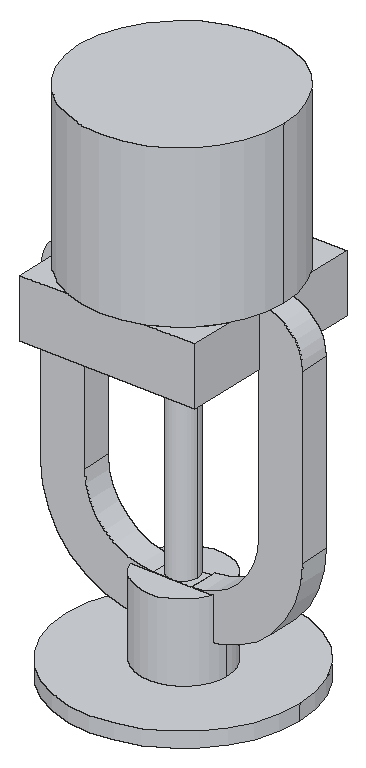
Revit family
Parameters (values of type "RASCO F1FR56-300 PENDENT")
  Temperature Rating = 175 °F
  Response = 1
  RASCO SIN # = "RA2614"
  RASCO Part # = "F1FR56P5B3"
  Pressure Rating = "300 PSI"
  Pressure Class = 1
  Orifice Size = 1/2"
  Orifice = (empty or 0)
  Model = "F1FR56-300"
  Manufacturer = "RASCO"
  K-Factor = 5.6
  Description = "Bronze Finish"
  Coverage = (empty or 0)
Reference planes (in)
  plane 1 "Center (Front/Back)": y = 0
  plane 2: z = 0
  plane 3 "Center (Left/Right)": x = 0
Dimensions and locks (in)
  aligned and locked: plane 2 to level
Nested families (in)
  nested 1: "F1FR56P5B3" at (-0.0113, 0, 2.4375) x (-1, 0, 0) z (0, 0, -1), type "RASCO F1FR56-300 PENDENT"
Connectors (in)
  piping at (-0.0113, 0, 2.4375)
    settings: on nested 1, index 1, connector radius 115/256", flow factor 0, pipe flow 0 GPM, pressure drop 0.00 psi, fitting loss kfactor 0, connector angle 0.00°, fixture units 0, flow configuration 0, flow direction 0, fitting loss method 0, system type 7, connector reference index -1, connector utility 0, adjustable connector no, is connector primary yes, fitting loss table "", connector description ""
Definition of nested family "F1FR56P5B3"
  Parameters (values of type "RASCO F1FR56-300 PENDENT")
    Type Comments = ""
    Temperature Rating = 0 °F
    Response = (empty or 0)
    Pressure Rating = "0"
    Pressure Class = (empty or 0)
    Orifice Size = 0"
    Orifice = (empty or 0)
    Model = ""
    Manufacturer = ""
    K-Factor = 0
    Description = ""
    Coverage = (empty or 0)
    Assembly Code = ""
  Reference planes (in)
    plane 1 "Center (Front/Back)": y = 0
    plane 2: z = 0
    plane 3 "ref.2": z = 0.6875
    plane 4 "ref.3": z = 0.9375
    plane 5: x = -0.38065
    plane 6: x = 0.36935
    plane 7 "ref. side 1": y = 0.06402
    plane 8 "ref. side 2": y = -0.06098
    plane 9 "ref.4": z = 1.875
    plane 10 "ref.5": z = 2.3125
    plane 11 "ref.6": z = 2.4375
  Forms (in)
    Extrusion 1, solid
      sketch origin (0, 0, 0) x (1, 0, 0) y (0, 1, 0)
        loop
          circle (0, 0) r 0.4379
      from 0 to 0.6875
    Extrusion 2, solid
      sketch origin (-0.12185, 0.05177, 0.6875) x (1, 0, 0) y (0, 1, 0)
        loop
          line (-0.2588, 0.356) -> (-0.2588, -0.4565) -> (0.4912, -0.4565) -> (0.4912, 0.356) -> (-0.2588, 0.356)
      from 0 to 0.25
    Extrusion 3, solid
      sketch origin (0, 0, 0) x (1, 0, 0) y (0, 0, 1)
        loop
          line (-0.38065, 0.68754) -> (-0.38065, 1.58397)
          arc (-0.38065, 1.58397) -> (-0.29541, 1.78976) -> (-0.08962, 1.875) r 0.29103
          line (-0.08962, 1.875) -> (0.07524, 1.875)
          arc (0.07524, 1.875) -> (0.28321, 1.78886) -> (0.36935, 1.58089) r 0.29411
          line (0.36935, 1.58089) -> (0.36935, 0.68751)
          arc (0.36935, 0.68751) -> (0.50207, 0.74393) -> (0.55685, 0.87734) r 0.18984
          line (0.55685, 0.87734) -> (0.55685, 1.61676)
          arc (0.55685, 1.61676) -> (0.42629, 1.93194) -> (0.11111, 2.0625) r 0.44574
          line (0.11111, 2.0625) -> (-0.12259, 2.0625)
          arc (-0.12259, 2.0625) -> (-0.43765, 1.932) -> (-0.56815, 1.61694) r 0.44556
          line (-0.56815, 1.61694) -> (-0.56815, 0.87876)
          arc (-0.56815, 0.87876) -> (-0.51345, 0.74486) -> (-0.38065, 0.68754) r 0.19126
      from -0.06402 to 0.06098
    Extrusion 4, solid
      sketch origin (0, 0, 0.9375) x (-1, 0, 0) y (0, -1, 0)
        loop
          circle (0.00574, -0.00152) r 0.0625
      from 0 to 0.9375
    Extrusion 5, solid
      sketch origin (0, 0, 1.875) x (-1, 0, 0) y (0, -1, 0)
        loop
          circle (0.00574, -0.00152) r 0.1875
      from 0 to 0.4375
    Extrusion 6, solid
      sketch origin (0, 0, 2.3125) x (0, -1, 0) y (1, 0, 0)
        loop
          circle (-0.00152, -0.00574) r 0.5
      from -0.10531 to -0.03987
  Cuts and joins
    joined: Extrusion 1, Extrusion 2, Extrusion 4
  Lines and regions (in)
    model lines
      curve 1: line (-0.00574, 0.06402, 1.875) -> (-0.00574, -0.06098, 1.875)
